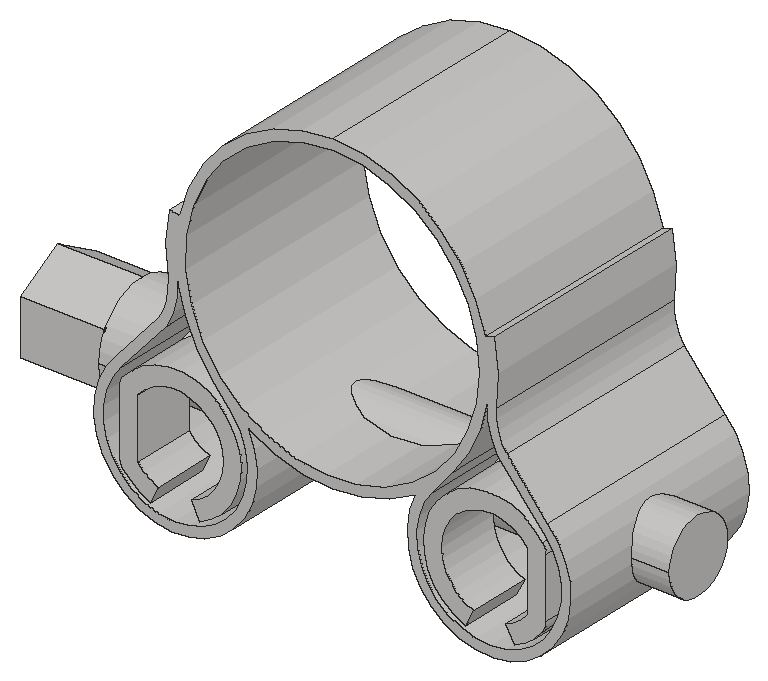
Revit family "FA_ХомутДляСтержняМачты_90537_EZETEK", category Системы пожарной сигнализации, Revit 2017
Family settings
  Сохранять ориентацию аннотаций = Нет
  Размер круглого соединителя = Использовать радиус
  Тип детали = Нормальный
  На основе рабочей плоскости = Нет
  Всегда вертикально = Да
  При загрузке вырезать с полостями = Нет
  Общий = Да
  Точка расчета площади = Нет
Parameters (values of type "ХомутДляСтержняМачты_90537")
  Угол = 90.00°  # constant formula
  Производитель_Контакты = "ezetek@ezetek.ru"  # constant formula
  Описание = "Хомуты используются для соединения молниеприемника с прутком, либо мачты с прутком."  # constant formula
  Использовать масштаб аннотаций [instance] = 1 = 0  # 0
  Изготовитель = "Ezetek"  # constant formula
  Группа модели = "Хомуты"  # constant formula
  URL = "https://ezetek.ru/"
  ADSK_Этаж [instance] = ""
  ADSK_Размер_Радиус [instance] = 12 mm
  ADSK_Размер_Диаметр [instance] = ADSK_Размер_Радиус * 2  # 24 mm
  ADSK_Примечание [instance] = ""
  ADSK_Позиция [instance] = ""
  ADSK_Обозначение = "90536"
  ADSK_Наименование краткое [instance] = "Хомут для стержня"
  ADSK_Наименование = "Хомут для стержня 19-21 мм, нерж"
  ADSK_Материал = BIMLIB_Сталь_Нержавеющая_EZETEK
  ADSK_Масса_Текст = "0.04"  # constant formula
  ADSK_Масса = 0.04  # constant formula
  ADSK_Марка = "90537"
  ADSK_Количество = 1  # constant formula
  ADSK_Код изделия = "90537"
  ADSK_Завод-изготовитель = "Ezetek"  # constant formula
  ADSK_Единица измерения = "шт."  # constant formula
  ADSK_Группирование [instance] = ""
  ADSK_Версия Revit = "2017"  # constant formula
Reference planes
  plane 1 "По центру (Вперед/Назад)": y = 0
  plane 2: z = 0
  plane 3 "По центру (Влево/Вправо)": x = 0
  plane 4: y = 9.175
  plane 5: y = -9.175
  plane 6: y = 10.199
  plane 7: y = -10.199
  plane 8: z = -20.862
  plane 9: z = -13.813
  plane 10: x = -14
  plane 11: x = 14
Forms (mm)
  Extrusion 1, solid, material "BIMLIB_Сталь_Нержавеющая_EZETEK" <- "ADSK_Материал", detail levels fine
    sketch origin (0, 0, 0) x (1, 0, 0) y (0, 0, 1)
      loop
        line (-16.167, -16.686) -> (-16.167, -11.686)
        arc (-16.167, -11.686) -> (-9.789, -11.861) -> (-11.692, -17.951) r 4
        line (-11.692, -17.951) -> (-11.004, -19.294)
        arc (-11.004, -19.294) -> (-8.682, -10.837) -> (-17.451, -10.896) r 5.5
        arc (-17.451, -10.896) -> (-17.606, -11.274) -> (-17.667, -11.678) r 1.731
        line (-17.667, -11.678) -> (-17.667, -16.694)
        arc (-17.667, -16.694) -> (-17.606, -17.098) -> (-17.451, -17.477) r 1.731
        arc (-17.451, -17.477) -> (-16.394, -18.549) -> (-15.085, -19.294) r 5.5
        line (-15.085, -19.294) -> (-14.396, -17.951)
        arc (-14.396, -17.951) -> (-15.369, -17.441) -> (-16.167, -16.686) r 4
      loop
        arc (16.167, -16.686) -> (15.369, -17.441) -> (14.396, -17.951) r 4
        line (14.396, -17.951) -> (15.085, -19.294)
        arc (15.085, -19.294) -> (16.394, -18.549) -> (17.451, -17.477) r 5.5
        arc (17.451, -17.477) -> (17.606, -17.098) -> (17.667, -16.694) r 1.731
        line (17.667, -16.694) -> (17.667, -11.678)
        arc (17.667, -11.678) -> (17.606, -11.274) -> (17.451, -10.896) r 1.731
        arc (17.451, -10.896) -> (8.682, -10.837) -> (11.004, -19.294) r 5.5
        line (11.004, -19.294) -> (11.692, -17.951)
        arc (11.692, -17.951) -> (9.789, -11.861) -> (16.167, -11.686) r 4
        line (16.167, -11.686) -> (16.167, -16.686)
    from 9.175 to 3.897
  Extrusion 2, solid, material "BIMLIB_Сталь_Нержавеющая_EZETEK" <- "ADSK_Материал", detail levels fine
    sketch origin (0, 0, 0) x (1, 0, 0) y (0, 0, -1)
      loop
        arc (-16.167, 16.686) -> (-15.369, 17.441) -> (-14.396, 17.951) r 4
        line (-14.396, 17.951) -> (-15.085, 19.294)
        arc (-15.085, 19.294) -> (-16.394, 18.549) -> (-17.451, 17.477) r 5.5
        arc (-17.451, 17.477) -> (-17.606, 17.098) -> (-17.667, 16.694) r 1.731
        line (-17.667, 16.694) -> (-17.667, 11.678)
        arc (-17.667, 11.678) -> (-17.606, 11.274) -> (-17.451, 10.896) r 1.731
        arc (-17.451, 10.896) -> (-8.682, 10.837) -> (-11.004, 19.294) r 5.5
        line (-11.004, 19.294) -> (-11.692, 17.951)
        arc (-11.692, 17.951) -> (-9.789, 11.861) -> (-16.167, 11.686) r 4
        line (-16.167, 11.686) -> (-16.167, 16.686)
      loop
        line (16.167, 16.686) -> (16.167, 11.686)
        arc (16.167, 11.686) -> (9.789, 11.861) -> (11.692, 17.951) r 4
        line (11.692, 17.951) -> (11.004, 19.294)
        arc (11.004, 19.294) -> (8.682, 10.837) -> (17.451, 10.896) r 5.5
        arc (17.451, 10.896) -> (17.606, 11.274) -> (17.667, 11.678) r 1.731
        line (17.667, 11.678) -> (17.667, 16.694)
        arc (17.667, 16.694) -> (17.606, 17.098) -> (17.451, 17.477) r 1.731
        arc (17.451, 17.477) -> (16.394, 18.549) -> (15.085, 19.294) r 5.5
        line (15.085, 19.294) -> (14.396, 17.951)
        arc (14.396, 17.951) -> (15.369, 17.441) -> (16.167, 16.686) r 4
    from 9.175 to 3.897
  Extrusion 3, solid, material "BIMLIB_Сталь_Нержавеющая_EZETEK" <- "ADSK_Материал", detail levels fine
    sketch origin (0, 0, 0) x (1, 0, 0) y (0, 0, 1)
      loop
        arc (0, 13) -> (-8.132, 10.142) -> (-12.689, 2.826) r 13
        line (-12.689, 2.826) -> (-13.47, 3)
        arc (-13.47, 3) -> (-13.794, 0.405) -> (-13.623, -2.205) r 13.8
        arc (-13.623, -2.205) -> (-13.767, -3.848) -> (-14.421, -5.362) r 5.186
        line (-14.421, -5.362) -> (-17.843, -9.289)
        arc (-17.843, -9.289) -> (-14.053, -20.78) -> (-6.929, -11) r 6.8
        arc (-6.929, -11) -> (0, -13) -> (6.929, -11) r 13
        arc (6.929, -11) -> (14.053, -20.78) -> (17.843, -9.289) r 6.8
        line (17.843, -9.289) -> (14.421, -5.362)
        arc (14.421, -5.362) -> (13.767, -3.848) -> (13.623, -2.205) r 5.186
        arc (13.623, -2.205) -> (13.794, 0.405) -> (13.47, 3) r 13.8
        line (13.47, 3) -> (12.689, 2.826)
        arc (12.689, 2.826) -> (8.132, 10.142) -> (0, 13) r 13
      loop
        arc (0, 12.2) -> (-11.289, -4.627) -> (8.562, -8.69) r 12.2
        arc (8.562, -8.69) -> (11.289, 4.627) -> (0, 12.2) r 12.2
      loop
        line (-13.678, -5.71) -> (-17.522, -10.119)
        arc (-17.522, -10.119) -> (-13.187, -20.059) -> (-8.241, -10.408) r 6
        arc (-8.241, -10.408) -> (-8.98, -9.484) -> (-9.757, -8.591) r 29.26
        arc (-9.757, -8.591) -> (-11.75, -5.563) -> (-12.829, -2.102) r 13
        arc (-12.829, -2.102) -> (-12.989, -3.968) -> (-13.678, -5.71) r 6.448
      loop
        arc (8.361, -10.257) -> (13.09, -20.062) -> (17.522, -10.119) r 6
        line (17.522, -10.119) -> (13.678, -5.71)
        arc (13.678, -5.71) -> (12.989, -3.968) -> (12.829, -2.102) r 6.448
        arc (12.829, -2.102) -> (11.857, -5.329) -> (10.089, -8.198) r 13
        line (10.089, -8.198) -> (8.361, -10.257)
    from 9.175 to -9.175
  Extrusion 4, solid, material "BIMLIB_Сталь_Нержавеющая_EZETEK" <- "ADSK_Материал", detail levels fine
    sketch origin (0, 0, 7.097) x (0, 1, 0) y (0, 0, 1)
      loop
        line (-3.897, -18.75) -> (-3.897, -23.25) -> (0, -25.5) -> (3.897, -23.25) -> (3.897, -18.75) -> (0, -16.5) -> (-3.897, -18.75)
    from -23.122 to -30.122
  Extrusion 5, solid, material "BIMLIB_Сталь_Нержавеющая_EZETEK" <- "ADSK_Материал", detail levels fine
    sketch origin (0, 0, 7.097) x (0, 1, 0) y (0, 0, 1)
      loop
        circle (0, -21) r 4.5
    from -19.122 to -23.122
  Extrusion 6, solid, material "BIMLIB_Сталь_Нержавеющая_EZETEK" <- "ADSK_Материал", detail levels fine
    sketch origin (0, 0, 7.097) x (0, 1, 0) y (0, 0, 1)
      loop
        circle (0, -21) r 3
    from 22.977 to -19.122
Dimensions and locks
  equal spacing: plane 4, plane 1 "По центру (Вперед/Назад)", plane 5
  locked: plane 4 to plane 5 at 18.35
  locked: plane 7 to plane 5 at 1.024
  locked: plane 6 to plane 4 at 1.024
  locked: plane 9 to plane 8 at 7.05
  locked: plane 11 to plane 10 at 28
  aligned and locked: level to plane 2
  aligned and locked: plane 5 to Extrusion 1
  aligned and locked: plane 4 to Extrusion 2
  aligned and locked: plane 5 to Extrusion 3
  aligned and locked: plane 4 to Extrusion 3
Automatic sketch dimensions
  Extrusion 1 sketch curve to Extrusion 1 sketch curve = 0 mm  (x24)
  Extrusion 1 sketch curve to Extrusion 1 sketch curve = 1.5 mm  (x2)
  Extrusion 1 sketch curve to Extrusion 1 sketch curve = 0.231 mm  (x3)
  Extrusion 1 sketch curve to plane 8 = 1.569 mm  (x4)
  Extrusion 1 sketch curve to Extrusion 1 sketch curve = 0.851 mm
  Extrusion 1 sketch curve to Extrusion 1 sketch curve = 0.689 mm  (x4)
  Extrusion 1 sketch curve to Extrusion 1 sketch curve = 1.54 mm
  Extrusion 1 sketch curve to Extrusion 1 sketch curve = 2.892 mm
  Extrusion 1 sketch curve to Extrusion 1 sketch curve = 1.343 mm  (x4)
  Extrusion 1 sketch curve to Extrusion 1 sketch curve = 1.257 mm  (x2)
  Extrusion 1 sketch curve to Extrusion 1 sketch curve = 0.008 mm  (x4)
  Extrusion 1 sketch curve to Extrusion 1 sketch curve = 0.047 mm  (x4)
  Extrusion 2 sketch curve to Extrusion 2 sketch curve = 0 mm  (x26)
  Extrusion 2 sketch curve to Extrusion 2 sketch curve = 1.5 mm  (x2)
  Extrusion 2 sketch curve to Extrusion 2 sketch curve = 0.231 mm  (x3)
  Extrusion 2 sketch curve to plane 8 = 1.569 mm  (x2)
  Extrusion 2 sketch curve to Extrusion 2 sketch curve = 0.851 mm
  Extrusion 2 sketch curve to Extrusion 2 sketch curve = 0.689 mm  (x4)
  Extrusion 2 sketch curve to Extrusion 2 sketch curve = 1.54 mm
  Extrusion 2 sketch curve to Extrusion 2 sketch curve = 2.892 mm
  Extrusion 2 sketch curve to Extrusion 2 sketch curve = 1.343 mm  (x4)
  Extrusion 2 sketch curve to Extrusion 2 sketch curve = 1.257 mm  (x2)
  Extrusion 2 sketch curve to Extrusion 2 sketch curve = 0.008 mm  (x4)
  Extrusion 2 sketch curve to Extrusion 2 sketch curve = 0.047 mm  (x4)
  Extrusion 3 sketch curve to Extrusion 3 sketch curve = 0 mm  (x19)
  Extrusion 3 sketch curve to level = 0 mm
  Extrusion 3 sketch curve to plane 3 "По центру (Влево/Вправо)" = 0 mm
  Extrusion 3 sketch curve to Extrusion 3 sketch curve = 0.781 mm  (x2)
  Extrusion 3 sketch curve to Extrusion 3 sketch curve = 0.743 mm  (x2)
  Extrusion 3 sketch curve to Extrusion 3 sketch curve = 0.32 mm  (x2)
  Extrusion 3 sketch curve to level = 2.577 mm  (x2)
  Extrusion 3 sketch curve to Extrusion 3 sketch curve = 4.374 mm  (x2)
  Extrusion 3 sketch curve to Extrusion 3 sketch curve = 0.47 mm  (x2)
  plane 8 to Extrusion 3 sketch curve = 7.365 mm
  Extrusion 3 sketch curve to plane 8 = 6.8 mm  (x2)
  Extrusion 3 sketch curve to Extrusion 3 sketch curve = 3.806 mm
  Extrusion 3 sketch curve to Extrusion 3 sketch curve = 3.943 mm
  Extrusion 3 sketch curve to Extrusion 3 sketch curve = 0.831 mm  (x2)
  Extrusion 3 sketch curve to Extrusion 3 sketch curve = 2.058 mm
  Extrusion 3 sketch curve to Extrusion 3 sketch curve = 3.579 mm
  Extrusion 3 sketch curve to Extrusion 3 sketch curve = 2.489 mm
  Extrusion 3 sketch curve to Extrusion 3 sketch curve = 0.348 mm  (x2)
  Extrusion 3 sketch curve to Extrusion 3 sketch curve = 0.086 mm  (x2)
  level to Extrusion 3 sketch curve = 2.826 mm  (x2)
  Extrusion 3 sketch curve to Extrusion 3 sketch curve = 0.174 mm  (x2)
  Extrusion 3 sketch curve to Extrusion 3 sketch curve = 1.312 mm
  Extrusion 3 sketch curve to Extrusion 3 sketch curve = 0.201 mm
  Extrusion 3 sketch curve to Extrusion 3 sketch curve = 1.566 mm
  Extrusion 4 sketch curve to plane 1 "По центру (Вперед/Назад)" = 0 mm  (x2)
  plane 1 "По центру (Вперед/Назад)" to Extrusion 4 sketch curve = 3.897 mm
  Extrusion 4 sketch curve to plane 1 "По центру (Вперед/Назад)" = 3.897 mm
  Extrusion 4 sketch curve to plane 8 = 2.459 mm
  Extrusion 4 sketch curve to Extrusion 4 sketch curve = 2.25 mm  (x3)
  Extrusion 4 sketch curve to Extrusion 4 sketch curve = 4.5 mm  (x2)
  Extrusion 5 sketch curve to plane 1 "По центру (Вперед/Назад)" = 0 mm
  Extrusion 5 sketch curve to plane 8 = 6.959 mm
  Extrusion 6 sketch curve to plane 1 "По центру (Вперед/Назад)" = 0 mm
  Extrusion 6 sketch curve to plane 8 = 6.959 mm
  plane 3 "По центру (Влево/Вправо)" to Extrusion 1 sketch curve = 11.004 mm
  plane 9 to Extrusion 1 sketch curve = 0.374 mm  (x2)
  Extrusion 1 sketch curve to Extrusion 1 sketch curve = 1.352 mm  (x2)
  plane 3 "По центру (Влево/Вправо)" to Extrusion 2 sketch curve = 11.004 mm
  plane 9 to Extrusion 2 sketch curve = 0.374 mm  (x2)
  Extrusion 2 sketch curve to Extrusion 2 sketch curve = 1.352 mm  (x2)
  plane 3 "По центру (Влево/Вправо)" to Extrusion 3 sketch curve = 8.361 mm
  Extrusion 3 sketch curve to Extrusion 3 sketch curve = 1.526 mm
  Extrusion 3 sketch curve to Extrusion 3 sketch curve = 2.6 mm
  Extrusion 3 sketch curve to Extrusion 3 sketch curve = 4.639 mm
  Extrusion 3 sketch curve to Extrusion 3 sketch curve = 3.589 mm
  Extrusion 3 sketch curve to plane 9 = 3.693 mm
  Extrusion 1 sketch curve to plane 3 "По центру (Влево/Вправо)" = 11.004 mm
  Extrusion 2 sketch curve to plane 3 "По центру (Влево/Вправо)" = 11.004 mm
  Extrusion 3 sketch curve to plane 3 "По центру (Влево/Вправо)" = 13 mm
  Extrusion 3 sketch curve to Extrusion 3 sketch curve = 0.678 mm
  Extrusion 3 sketch curve to Extrusion 3 sketch curve = 3.102 mm
  Extrusion 3 sketch curve to Extrusion 3 sketch curve = 13.927 mm
  Extrusion 3 sketch curve to Extrusion 3 sketch curve = 1.516 mm
  radius of Extrusion 5 sketch curve = 4.5 mm
  radius of Extrusion 6 sketch curve = 3 mm
